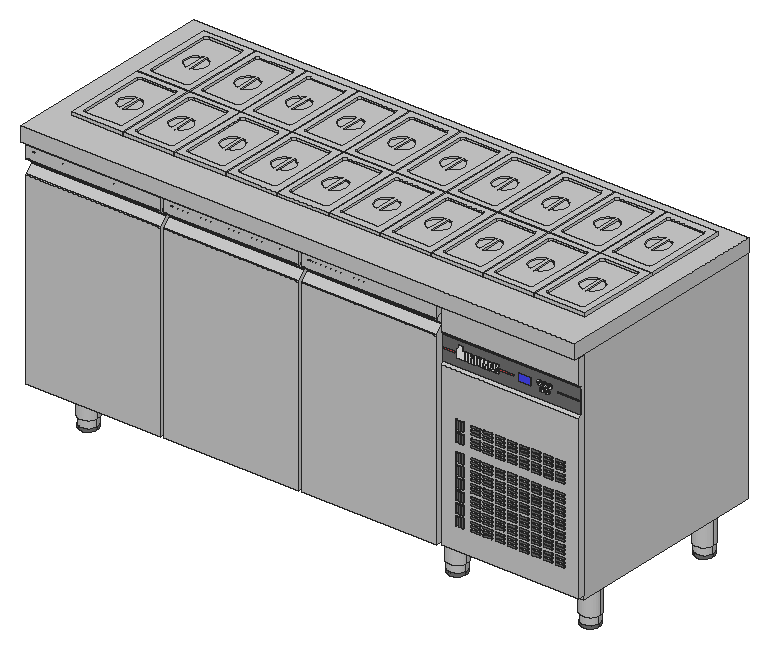
Revit family "QF_INOMAK_ZNFP999_250529012511", category Specialty Equipment, Revit 2021
Family settings
  Round Connector Dimension = Use Diameter
  Part Type = Normal
  OmniClass Number = 23.40.40.14
  OmniClass Title = Food Service Equipment
  Work Plane-Based = No
  Always vertical = Yes
  Cut with Voids When Loaded = No
  Shared = No
  Room Calculation Point = No
Parameters (values of type "ZNFP999")
  Weight [instance] = 168.002 kg
  Warranty Start Date [instance] = ""
  Warranty Duration [instance] = ""
  Volts [instance] = 230 V
  Volt Free Conn [instance] = no
  URL Recommended Spares List [instance] = ""
  URL Manufacturer [instance] = ""
  URL Cutsheet [instance] = ""
  URL Critical Spares List [instance] = ""
  URL = "www.inomak.com"
  Technical Documentation [instance] = ""
  Tag Number [instance] = ""
  Status [instance] = ""
  Start Up Current [instance] = 0 A
  Specification by User [instance] = ""
  Specification by Manufacturer [instance] = ""
  Sound Level [instance] = ""
  Show Logo [instance] = yes
  Show Clearances [instance] = yes
  Service Life Duration [instance] = ""
  Serial Number [instance] = ""
  Seismic Rating [instance] = ""
  SMACNA No [instance] = ""
  Revision Code [instance] = ""
  Revision [instance] = ""
  Production Year [instance] = ""
  Potential Equalisation [instance] = no
  Point Load [instance] = 0
  Phase [instance] = 1
  Other Equipment Approvals [instance] = ""
  Operational Current [instance] = 0 A
  Number of Poles [instance] = 2
  No Load Power Draw [instance] = no
  NAFEM Spec ID Number [instance] = ""
  Model Warning [instance] = ""
  Model = "ZNFP999"
  Min Ckt Ampacity [instance] = 0 A
  Max Overcurrent Protection [instance] = 10 A
  Masterspec [instance] = ""
  Manufacturer = "INOMAK"
  Main switch integrated [instance] = no
  Length Actual [instance] = 1791.97 mm
  Item Number [instance] = ""
  Installed By [instance] = ""
  Installation Date [instance] = ""
  Identify Quantity as Lot [instance] = no
  ID [instance] = ""
  Hygiene Approval [instance] = ""
  Height Actual [instance] = 899.922 mm
  HP power [instance] = ""
  Furnished By [instance] = ""
  Foodservice Equipment Identifier [instance] = no
  FL Amps [instance] = 3.8 A
  Electrical Remarks [instance] = ""
  Electric power [instance] = 450 W
  Electric Connection Type [instance] = ""
  Elec Conn RI Height [instance] = 0 mm
  Elec Conn Connection Height [instance] = 0 mm
  ETL Approved [instance] = no
  Description = "ZENOBIA SALADETTE WITH 3 GN 1/1 DOORS"
  Depth Actual [instance] = 700.024 mm
  Default Elevation = 0 mm
  Cycle [instance] = 50 Hz
  Cost = 0
  Connection to energy optimisation system [instance] = yes
  Conn Plug [instance] = ""
  Conn Conduit [instance] = no
  Centralized building control system with digital interface [instance] = ""
  CSI MasterFormat [instance] = ""
  CE Approved [instance] = no
  Barcode [instance] = 0
  Author [instance] = ""
  Asset Identifier [instance] = ""
  Apparent Power [instance] = 450 VA
  Accessory [instance] = no
Reference planes
  plane 1 "Center (Front/Back)": y = 0
  plane 2: z = 0
  plane 3 "Center (Left/Right)": x = 0
Forms (mm)
  Extrusion 1, solid, not visible
    sketch origin (1385.068, -100.005, 146.007) x (1, 0, 0) y (0, 1, 0)
      loop
        line (-2, 2) -> (-2, -2) -> (2, -2) -> (2, 2) -> (-2, 2)
    from -2 to 2
Dimensions and locks
  locked: nested 2 to Extrusion 1 at 2  (x2)
  aligned and locked: level to plane 2
Nested families
  nested 1: "QF_INOMAK_REF_COUNTERS_1810_2920" at (0, 0, 144), type "ZNFP999"
    with Weight 168.002 kg, Warranty Start Date "", Warranty Duration "", URL Cutsheet "", Technical Documentation "", Tag Number "", Status "", Specification by User "", Specification by Manufacturer "", Sound Level "", Solid Fuel Type "", Show Logo yes, Show Clearances yes, Show Clearance yes, Service Life Duration "", Serial Number "", Seismic Rating "", SMACNA No "", Revision Code "", Revision "", Production Year "", Point Load 0, Other Equipment Approvals "", NAFEM Spec ID Number "", Model Warning "", Masterspec "", Length Actual 1791.97 mm, Item Number "", Installed By "", Installation Date "", Identify Quantity as Lot yes, ID "", Hygiene Approval "", Height Actual 899.922 mm, Furnished By "", Foodservice Equipment Identifier yes, Finish none, ETL Approved yes, Depth Actual 700.024 mm, CSI MasterFormat "", CE Approved yes, Barcode "", Author "", Asset Identifier "", Accessory no
  nested 2: "CONN_POINT_ELE_2D___Generic_Annotation" at (1385.068, -100.005, 144.007), type "CONN_POINT_ELE_2D___Generic_Annotation"
    with Onboard connection annotation symbol visibility yes
  nested 3: "QF_INOMAK_REF_WORKTOPS_WOVF_1810_7123" at (0, 0, 854), type "WOVF-1810-700"
    with Worktop thickness 46 mm, Weight 0.00 kg, Warranty Start Date "", Warranty Duration "", URL Cutsheet "", Technical Documentation "", Tag Number "", Status "", Specification by User "", Specification by Manufacturer "", Sound Level "", Solid Fuel Type "", Show Logo yes, Show Clearances yes, Service Life Duration "", Serial Number "", Seismic Rating "", SMACNA No "", Revision Code "", Revision "", Production Year "", Point Load 0, Other Equipment Approvals "", NAFEM Spec ID Number "", Model Warning "", Masterspec "", Length Actual 1791.97 mm, Item Number "", Installed By "", Installation Date "", Identify Quantity as Lot yes, ID "", Hygiene Approval "", Height Actual 45.974 mm, Height AFF 0 mm, Furnished By "", Foodservice Equipment Identifier yes, Finish none, ETL Approved yes, Depth Actual 700.024 mm, CSI MasterFormat "", CE Approved yes, Barcode "", Author "", Asset Identifier "", Accessory yes
  nested 4: "QF_INOMAK_REF_COUNTERS_LEGS_9747" at (0, 0, 0), type "LG-1790-700"
    with Weight 0.00 kg, Warranty Start Date "", Warranty Duration "", URL Cutsheet "", Technical Documentation "", Tag Number "", Status "", Specification by User "", Specification by Manufacturer "", Sound Level "", Solid Fuel Type "", Show Logo yes, Show Clearances yes, Service Life Duration "", Serial Number "", Seismic Rating "", SMACNA No "", Revision Code "", Revision "", Production Year "", Point Load 0, Other Equipment Approvals "", NAFEM Spec ID Number "", Model Warning "", Masterspec "", Length Actual 1791.97 mm, Legs inset right 70 mm, Legs inset rear 90 mm, Legs inset left 100 mm, Legs inset front 150 mm, Item Number "", Installed By "", Installation Date "", Identify Quantity as Lot yes, ID "", Hygiene Approval "", Height Actual 144.018 mm, Furnished By "", Foodservice Equipment Identifier yes, ETL Approved yes, Depth Actual 700.024 mm, CentralLegs no, CSI MasterFormat "", CE Approved yes, Barcode "", Author "", Asset Identifier "", Accessory yes
Connectors
  electrical at (1385.068, -100.005, 144.007), driven by "Apparent Power", driven by "Number of Poles", driven by "Volts"
    settings: on Extrusion 1, index 1, voltage 230 V, apparent load 0 VA, apparent load phase1 450 VA, apparent load phase2 0 VA, apparent load phase3 0 VA, power factor 1, load classification "Other", number of poles 2, system type 31, power factor state 1, is connector primary yes, connector utility no, sub classification motor no, connector description "Electrical connection for ZNFP999"
Definition of nested family "QF_INOMAK_REF_COUNTERS_1810_2920"
  Parameters (values of type "ZSQP999")
    Weight [instance] = 0.00 kg
    Warranty Start Date [instance] = ""
    Warranty Duration [instance] = ""
    URL Cutsheet [instance] = ""
    URL = "www.inomak.com"
    Technical Documentation [instance] = ""
    Tag Number [instance] = ""
    Status [instance] = ""
    Specification by User [instance] = ""
    Specification by Manufacturer [instance] = ""
    Sound Level [instance] = ""
    Solid Fuel Type [instance] = ""
    Show Logo [instance] = yes
    Show Clearances [instance] = yes
    Show Clearance [instance] = yes
    Service Life Duration [instance] = ""
    Serial Number [instance] = ""
    Seismic Rating [instance] = ""
    SMACNA No [instance] = ""
    Revision Code [instance] = ""
    Revision [instance] = ""
    Production Year [instance] = ""
    Point Load [instance] = 0
    Other Equipment Approvals [instance] = ""
    NAFEM Spec ID Number [instance] = ""
    Model Warning [instance] = ""
    Model = "ZSQP999"
    Masterspec [instance] = ""
    Manufacturer = "INOMAK"
    Length Actual [instance] = 0 mm
    Length = 1792 mm
    Item Number [instance] = ""
    Installed By [instance] = ""
    Installation Date [instance] = ""
    Identify Quantity as Lot [instance] = yes
    ID [instance] = ""
    Hygiene Approval [instance] = ""
    Height Actual [instance] = 0 mm
    Height = 710 mm
    Furnished By [instance] = ""
    Foodservice Equipment Identifier [instance] = yes
    Finish [instance] = none
    ETL Approved [instance] = yes
    Description = "ZENOBIA SALADETTE WITH SQUARE SHOWCASE AND 3 GN 1/1 DOORS"
    Depth Actual [instance] = 0 mm
    Depth = 700 mm
    Default Elevation = 0 mm
    CSI MasterFormat [instance] = ""
    CE Approved [instance] = yes
    Barcode [instance] = ""
    Author [instance] = ""
    Asset Identifier [instance] = ""
    Assembly Code = "E1090320"
    Accessory [instance] = yes
  Types (6, lengths in mm): name | Model | Description
    ZQFP999 | "ZQFP999" | "ZENOBIA SALADETTE WITH SHOWCASE AND 3 GN 1/1 DOORS"
    ZQRP999 | "ZQRP999" | "ZENOBIA SALADETTE COUNTER WITH LENGTH VITRINE AND SPACE ON THE RIGHT SIDE OF THE WORKTOP, 3 GN 1/1 DOORS"
    ZNFP999 | "ZNFP999" | "ZENOBIA SALADETTE WITH 3 GN 1/1 DOORS"
    ZSQP999 | "ZSQP999" | "ZENOBIA SALADETTE WITH SQUARE SHOWCASE AND 3 GN 1/1 DOORS"
    ZVFP999 | "ZVFP999" | "ZENOBIA SALADETTE WITH SINGLE SNEEZE GUARD AND 3 GN 1/1 DOORS"
    ZRFP999 | "ZRFP999" | "ZENOBIA SALADETTE WITH DOUBLE SNEEZE GUARD AND 3 GN 1/1 DOORS"
  Reference planes
    plane 1 "Back": y = 0
    plane 2: z = 0
    plane 3 "Left": x = 0
    plane 4 "Right": x = 1792
    plane 5 "Front": y = -700
    plane 6 "Top": z = 710
  Forms (mm)
    Extrusion 1, solid, material <- "Finish"
      sketch origin (0, 0, 0) x (1, 0, 0) y (0, 1, 0)
        loop
          line (0, -648) -> (30, -648) -> (30, -30) -> (1317, -30) -> (1317, -648) -> (1347, -648) -> (1347, -665) -> (1792, -665) -> (1792, 0) -> (0, 0) -> (0, -648)
      from 0 to 710
    Extrusion 2, solid, material <- "Finish"
      sketch origin (0, 0, 0) x (1, 0, 0) y (0, 1, 0)
        loop
          line (30, -30) -> (30, -648) -> (1317, -648) -> (1317, -30) -> (30, -30)
      from 0 to 45
    Extrusion 3, solid, material <- "Finish"
      sketch origin (0, 0, 710) x (0, 1, 0) y (-1, 0, 0)
        loop
          line (-30, -30) -> (-648, -30) -> (-648, -1317) -> (-30, -1317) -> (-30, -30)
      from 0 to -30
    Extrusion 4, solid, material <- "Finish"
      sketch origin (1792, 0, 0) x (0, -1, 0) y (0, 0, 1)
        loop
          line (683.05, 705) -> (665, 705) -> (665, 10) -> (683.05, 10) -> (683.05, 532.058) -> (676.05, 539.058) -> (676.05, 618.864) -> (683.05, 625.864) -> (683.05, 705)
      from 0 to 445
    Extrusion 5, solid
      sketch origin (0, -700, 0) x (-1, 0, 0) y (0, 0, 1)
        loop
          circle (-1658.654, 586.73) r 6.965
        loop
          circle (-1675.685, 586.73) r 6.965
        loop
          circle (-1692.694, 586.73) r 6.965
        loop
          circle (-1667.18, 568.729) r 6.965
        loop
          circle (-1684.189, 568.729) r 6.965
        loop
          circle (-1658.654, 586.73) r 3.965
        loop
          circle (-1675.685, 586.73) r 3.965
        loop
          circle (-1692.694, 586.73) r 3.965
        loop
          circle (-1667.18, 568.729) r 3.965
        loop
          circle (-1684.189, 568.729) r 3.965
      from 23 to 25.5
    Extrusion 6, solid
      sketch origin (0, -700, 0) x (-1, 0, 0) y (0, 0, 1)
        loop
          line (-1630.865, 590.461) -> (-1630.865, 567.461) -> (-1590.865, 567.461) -> (-1590.865, 590.461) -> (-1630.865, 590.461)
      from 23 to 25.5
    Extrusion 7, solid
      sketch origin (0, -700, 0) x (-1, 0, 0) y (0, 0, 1)
        loop
          line (-1347, 618.864) -> (-1792, 618.864) -> (-1792, 539.058) -> (-1347, 539.058) -> (-1347, 618.864)
      from 23.5 to 25.5
    Extrusion 8, solid, visible <- "Show Logo"
      sketch origin (0, -700, 0) x (-1, 0, 0) y (0, 0, 1)
        loop
          line (-1391.061, 591.01) -> (-1397.061, 591.01) -> (-1397.061, 602.118) -> (-1411.298, 602.118) -> (-1411.298, 591.01) -> (-1417.298, 591.01) -> (-1417.298, 564.76) -> (-1391.061, 564.76) -> (-1391.061, 591.01)
        loop
          line (-1421.613, 590.698) -> (-1428.903, 590.698) -> (-1428.903, 564.76) -> (-1421.613, 564.76) -> (-1421.613, 590.698)
        loop
          line (-1431.422, 564.76) -> (-1431.422, 590.698) -> (-1438.256, 590.698) -> (-1441.449, 578.78) -> (-1441.449, 590.698) -> (-1447.982, 590.698) -> (-1447.982, 564.76) -> (-1441.449, 564.76) -> (-1437.735, 578.623) -> (-1437.735, 564.76) -> (-1431.422, 564.76)
        loop
          line (-1468.664, 564.76) -> (-1468.664, 590.698) -> (-1477.626, 590.698) -> (-1479.988, 576.688) -> (-1482.35, 590.698) -> (-1491.312, 590.698) -> (-1491.312, 564.76) -> (-1484.687, 564.76) -> (-1484.687, 578.623) -> (-1482.35, 564.76) -> (-1477.626, 564.76) -> (-1475.289, 578.623) -> (-1475.289, 564.76) -> (-1468.664, 564.76)
        loop
          line (-1453.851, 590.698) -> (-1463.176, 590.698)
          arc (-1463.176, 590.698) -> (-1465.773, 589.622) -> (-1466.849, 587.026) r 3.672
          line (-1466.849, 587.026) -> (-1466.849, 568.433)
          arc (-1466.849, 568.433) -> (-1465.773, 565.836) -> (-1463.176, 564.76) r 3.672
          line (-1463.176, 564.76) -> (-1453.851, 564.76)
          arc (-1453.851, 564.76) -> (-1451.255, 565.836) -> (-1450.179, 568.433) r 3.672
          line (-1450.179, 568.433) -> (-1450.179, 587.026)
          arc (-1450.179, 587.026) -> (-1451.255, 589.622) -> (-1453.851, 590.698) r 3.672
        loop
          arc (-1457.487, 587.542) -> (-1458.514, 588.569) -> (-1459.541, 587.542) r 1.027
          line (-1459.541, 587.542) -> (-1459.541, 568.949)
          arc (-1459.541, 568.949) -> (-1458.514, 567.922) -> (-1457.487, 568.949) r 1.027
          line (-1457.487, 568.949) -> (-1457.487, 587.542)
        loop
          line (-1492.382, 564.76) -> (-1496.755, 590.698) -> (-1505.615, 590.698) -> (-1509.988, 564.76) -> (-1503.461, 564.76) -> (-1502.852, 569.723) -> (-1499.518, 569.723) -> (-1498.909, 564.76) -> (-1492.382, 564.76)
        loop
          line (-1500.074, 574.252) -> (-1501.185, 583.299) -> (-1502.296, 574.252) -> (-1500.074, 574.252)
        loop
          line (-1510.954, 564.76) -> (-1510.954, 590.698) -> (-1517.579, 590.698) -> (-1517.579, 581.585) -> (-1520.365, 590.698) -> (-1527.803, 590.698) -> (-1523.474, 579.422) -> (-1528.522, 564.76) -> (-1520.939, 564.76) -> (-1517.579, 577.3) -> (-1517.579, 564.76) -> (-1510.954, 564.76)
      from 23 to 25.5
    Extrusion 9, solid
      sketch origin (0, -700, 0) x (-1, 0, 0) y (0, 0, 1)
        loop
          line (-1347, 580.961) -> (-1383.995, 580.961) -> (-1383.995, 576.961) -> (-1347, 576.961) -> (-1347, 580.961)
        loop
          line (-1532, 580.961) -> (-1576.365, 580.961) -> (-1576.365, 576.961) -> (-1532, 576.961) -> (-1532, 580.961)
        loop
          line (-1792, 580.961) -> (-1792, 576.961) -> (-1718.755, 576.961) -> (-1718.755, 580.961) -> (-1792, 580.961)
      from 23 to 25.5
    Extrusion 10, solid, material <- "Finish"
      sketch origin (446, 0, 0) x (0, -1, 0) y (0, 0, -1)
        loop
          line (690, -10) -> (648, -10) -> (648, -700) -> (690, -700) -> (690, -661.747)
          arc (690, -661.747) -> (688.671, -659.935) -> (686.544, -660.657) r 1.9
          line (686.544, -660.657) -> (680.029, -669.961) -> (668.119, -669.961)
          arc (668.119, -669.961) -> (666.433, -669.262) -> (665.734, -667.576) r 2.385
          line (665.734, -667.576) -> (665.734, -640.672)
          arc (665.734, -640.672) -> (665.976, -639.458) -> (666.663, -638.429) r 3.172
          line (666.663, -638.429) -> (689.485, -615.607)
          arc (689.485, -615.607) -> (689.866, -615.037) -> (690, -614.365) r 1.757
          line (690, -614.365) -> (690, -10)
      from 0 to -435
    Extrusion 11, solid, visible <- "Show Clearance", detail levels coarse
      sketch origin (446, -700, 10) x (-1, 0, 0) y (0, 1, 0)
        loop
          line (435, 10) -> (0, 10)
          arc (0, 10) -> (134.757, -285.109) -> (435, -408) r 440.665
          line (435, -408) -> (435, 10)
      from 0 to -690
    Extrusion 12, solid, material <- "Finish"
      sketch origin (891, 0, 0) x (0, -1, 0) y (0, 0, -1)
        loop
          line (690, -10) -> (648, -10) -> (648, -700) -> (690, -700) -> (690, -661.747)
          arc (690, -661.747) -> (688.671, -659.935) -> (686.544, -660.657) r 1.9
          line (686.544, -660.657) -> (680.029, -669.961) -> (668.119, -669.961)
          arc (668.119, -669.961) -> (666.433, -669.262) -> (665.734, -667.576) r 2.385
          line (665.734, -667.576) -> (665.734, -640.672)
          arc (665.734, -640.672) -> (665.976, -639.458) -> (666.663, -638.429) r 3.172
          line (666.663, -638.429) -> (689.485, -615.607)
          arc (689.485, -615.607) -> (689.866, -615.037) -> (690, -614.365) r 1.757
          line (690, -614.365) -> (690, -10)
      from 0 to -435
    Extrusion 13, solid, visible <- "Show Clearance", detail levels coarse
      sketch origin (891, -700, 10) x (-1, 0, 0) y (0, 1, 0)
        loop
          line (435, 10) -> (0, 10)
          arc (0, 10) -> (134.757, -285.109) -> (435, -408) r 440.665
          line (435, -408) -> (435, 10)
      from 0 to -690
    Extrusion 14, solid, material <- "Finish"
      sketch origin (901, 0, 0) x (0, -1, 0) y (0, 0, 1)
        loop
          line (690, 10) -> (690, 614.365)
          arc (690, 614.365) -> (689.866, 615.037) -> (689.485, 615.607) r 1.757
          line (689.485, 615.607) -> (666.663, 638.429)
          arc (666.663, 638.429) -> (665.976, 639.458) -> (665.734, 640.672) r 3.172
          line (665.734, 640.672) -> (665.734, 667.576)
          arc (665.734, 667.576) -> (666.433, 669.262) -> (668.119, 669.961) r 2.385
          line (668.119, 669.961) -> (680.029, 669.961) -> (686.544, 660.657)
          arc (686.544, 660.657) -> (688.671, 659.935) -> (690, 661.747) r 1.9
          line (690, 661.747) -> (690, 700) -> (648, 700) -> (648, 10) -> (690, 10)
      from 0 to -435
    Extrusion 15, solid, visible <- "Show Clearance", detail levels coarse
      sketch origin (901, -700, 10) x (-1, 0, 0) y (0, 1, 0)
        loop
          line (-435, 10) -> (-435, -408)
          arc (-435, -408) -> (-134.757, -285.109) -> (0, 10) r 440.665
          line (0, 10) -> (-435, 10)
      from 0 to -690
  Cuts and joins
    joined: Extrusion 1, Extrusion 2, Extrusion 3
  Lines and regions (mm)
    symbolic lines, visible <- "Show Clearance"
      curve 1: line (0, 0, 0) -> (1792, 0, 0)
      curve 2: line (1792, 0, 0) -> (1792, -700, 0)
      curve 3: line (1792, -700, 0) -> (0, -700, 0)
      curve 4: line (0, -700, 0) -> (0, 0, 0)
      curve 5: line (11, -1108, 0) -> (11, -700, 0)
      curve 6: arc (11, -1108, 0) -> (307.611, -988.559, 0) -> (445.372, -700, 0) r 440.665
      curve 7: line (456, -1108, 0) -> (456, -700, 0)
      curve 8: arc (456, -1108, 0) -> (752.611, -988.559, 0) -> (890.372, -700, 0) r 440.665
      curve 9: line (1336, -1108, 0) -> (1336, -700, 0)
      curve 10: arc (1336, -1108, 0) -> (1039.389, -988.559, 0) -> (901.628, -700, 0) r 440.665
  Dimensions and locks
    "Length": plane 3 "Left" to plane 4 "Right"
    "Depth": plane 5 "Front" to plane 1 "Back"
    "Height": plane 6 "Top" to plane 2
    aligned and locked: level to plane 2
    aligned and locked: plane 6 "Top" to Extrusion 1
    aligned and locked: nested 1 to plane 4 "Right"
    aligned and locked: plane 5 "Front" to nested 1
    aligned and locked: plane 5 "Front" to curve 3
    aligned and locked: curve 5 to Extrusion 11
    aligned and locked: curve 7 to Extrusion 13
    aligned and locked: curve 9 to Extrusion 15
  Automatic sketch dimensions
    plane 1 "Back" to curve 4 = 0 mm
    curve 4 to plane 3 "Left" = 0 mm
    Extrusion 1 sketch curve to plane 3 "Left" = 0 mm
    plane 1 "Back" to Extrusion 1 sketch curve = 0 mm
    Extrusion 1 sketch curve to plane 4 "Right" = 0 mm
    plane 3 "Left" to Extrusion 1 sketch curve = 30 mm
    plane 1 "Back" to Extrusion 1 sketch curve = 30 mm
    plane 4 "Right" to Extrusion 1 sketch curve = 475 mm
    Extrusion 1 sketch curve to Extrusion 1 sketch curve = 30 mm
    plane 5 "Front" to Extrusion 1 sketch curve = 52 mm  (x2)
    plane 5 "Front" to Extrusion 1 sketch curve = 35 mm
    plane 3 "Left" to Extrusion 2 sketch curve = 30 mm
    plane 5 "Front" to Extrusion 2 sketch curve = 52 mm
    plane 4 "Right" to Extrusion 2 sketch curve = 475 mm
    plane 1 "Back" to Extrusion 2 sketch curve = 30 mm
    plane 5 "Front" to Extrusion 3 sketch curve = 52 mm
    plane 1 "Back" to Extrusion 3 sketch curve = 30 mm
    plane 4 "Right" to Extrusion 3 sketch curve = 475 mm
    plane 3 "Left" to Extrusion 3 sketch curve = 30 mm
    plane 3 "Left" to curve 6 = 5.917 mm
    curve 8 to curve 7 = 5.083 mm
    curve 9 to curve 10 = 5.083 mm
    plane 5 "Front" to curve 6 = 32.635 mm
    plane 5 "Front" to curve 10 = 32.635 mm
    plane 5 "Front" to curve 8 = 32.635 mm
    curve 6 to curve 7 = 10.628 mm
    curve 7 to curve 8 = 434.372 mm
    curve 8 to curve 10 = 11.257 mm
    Extrusion 4 sketch curve to plane 6 "Top" = 5 mm
    plane 5 "Front" to Extrusion 4 sketch curve = 35 mm
    plane 5 "Front" to Extrusion 4 sketch curve = 23.95 mm
    Extrusion 4 sketch curve to Extrusion 4 sketch curve = 7 mm  (x4)
    Extrusion 4 sketch curve to Extrusion 4 sketch curve = 79.136 mm
    Extrusion 4 sketch curve to Extrusion 4 sketch curve = 79.807 mm
    level to Extrusion 4 sketch curve = 10 mm
    level to Extrusion 10 sketch curve = 10 mm
    plane 5 "Front" to Extrusion 10 sketch curve = 52 mm
    plane 5 "Front" to Extrusion 10 sketch curve = 34.266 mm
    Extrusion 10 sketch curve to Extrusion 10 sketch curve = 0.929 mm
    Extrusion 10 sketch curve to Extrusion 10 sketch curve = 2.385 mm
    Extrusion 10 sketch curve to Extrusion 10 sketch curve = 3.172 mm
    Extrusion 10 sketch curve to Extrusion 10 sketch curve = 11.91 mm
    Extrusion 10 sketch curve to Extrusion 10 sketch curve = 6.515 mm
    Extrusion 10 sketch curve to Extrusion 10 sketch curve = 1.556 mm
    plane 5 "Front" to Extrusion 10 sketch curve = 11.757 mm
    Extrusion 10 sketch curve to Extrusion 10 sketch curve = 1.242 mm
    Extrusion 10 sketch curve to Extrusion 10 sketch curve = 1.9 mm
    Extrusion 10 sketch curve to Extrusion 10 sketch curve = 0.515 mm
    Extrusion 10 sketch curve to plane 6 "Top" = 95.635 mm
    Extrusion 10 sketch curve to Extrusion 10 sketch curve = 22.822 mm
    Extrusion 10 sketch curve to Extrusion 10 sketch curve = 19.985 mm
    Extrusion 10 sketch curve to Extrusion 10 sketch curve = 6.919 mm
    Extrusion 10 sketch curve to plane 6 "Top" = 10 mm
    plane 5 "Front" to Extrusion 11 sketch curve = 10 mm
    plane 3 "Left" to Extrusion 11 sketch curve = 446 mm
    plane 3 "Left" to Extrusion 11 sketch curve = 11 mm
    plane 3 "Left" to Extrusion 11 sketch curve = 5.917 mm
    Extrusion 11 sketch curve to Extrusion 11 sketch curve = 22.635 mm
    level to Extrusion 12 sketch curve = 10 mm
    plane 5 "Front" to Extrusion 12 sketch curve = 52 mm
    plane 5 "Front" to Extrusion 12 sketch curve = 34.266 mm
    Extrusion 12 sketch curve to Extrusion 12 sketch curve = 0.929 mm
    Extrusion 12 sketch curve to Extrusion 12 sketch curve = 2.385 mm
    Extrusion 12 sketch curve to Extrusion 12 sketch curve = 3.172 mm
    Extrusion 12 sketch curve to Extrusion 12 sketch curve = 11.91 mm
    Extrusion 12 sketch curve to Extrusion 12 sketch curve = 6.515 mm
    Extrusion 12 sketch curve to Extrusion 12 sketch curve = 1.556 mm
    plane 5 "Front" to Extrusion 12 sketch curve = 11.757 mm
    Extrusion 12 sketch curve to Extrusion 12 sketch curve = 1.242 mm
    Extrusion 12 sketch curve to Extrusion 12 sketch curve = 1.9 mm
    Extrusion 12 sketch curve to Extrusion 12 sketch curve = 0.515 mm
    Extrusion 12 sketch curve to plane 6 "Top" = 95.635 mm
    Extrusion 12 sketch curve to Extrusion 12 sketch curve = 22.822 mm
    Extrusion 12 sketch curve to Extrusion 12 sketch curve = 19.985 mm
    Extrusion 12 sketch curve to Extrusion 12 sketch curve = 6.919 mm
    Extrusion 12 sketch curve to plane 6 "Top" = 10 mm
    plane 5 "Front" to Extrusion 13 sketch curve = 10 mm
    plane 3 "Left" to Extrusion 13 sketch curve = 891 mm
    Extrusion 13 sketch curve to Extrusion 13 sketch curve = 435 mm
    Extrusion 13 sketch curve to Extrusion 13 sketch curve = 5.083 mm
    Extrusion 13 sketch curve to Extrusion 13 sketch curve = 22.635 mm
    level to Extrusion 14 sketch curve = 10 mm
    plane 5 "Front" to Extrusion 14 sketch curve = 52 mm
    plane 5 "Front" to Extrusion 14 sketch curve = 34.266 mm
    Extrusion 14 sketch curve to Extrusion 14 sketch curve = 0.929 mm
    Extrusion 14 sketch curve to Extrusion 14 sketch curve = 2.385 mm
    Extrusion 14 sketch curve to Extrusion 14 sketch curve = 3.172 mm
    Extrusion 14 sketch curve to Extrusion 14 sketch curve = 11.91 mm
    Extrusion 14 sketch curve to Extrusion 14 sketch curve = 6.515 mm
    Extrusion 14 sketch curve to Extrusion 14 sketch curve = 1.556 mm
    plane 5 "Front" to Extrusion 14 sketch curve = 11.757 mm
    Extrusion 14 sketch curve to Extrusion 14 sketch curve = 1.242 mm
    Extrusion 14 sketch curve to Extrusion 14 sketch curve = 1.9 mm
    Extrusion 14 sketch curve to Extrusion 14 sketch curve = 0.515 mm
    Extrusion 14 sketch curve to plane 6 "Top" = 95.635 mm
    Extrusion 14 sketch curve to Extrusion 14 sketch curve = 22.822 mm
    Extrusion 14 sketch curve to Extrusion 14 sketch curve = 19.985 mm
    Extrusion 14 sketch curve to Extrusion 14 sketch curve = 6.919 mm
    Extrusion 14 sketch curve to plane 6 "Top" = 10 mm
    plane 5 "Front" to Extrusion 15 sketch curve = 32.635 mm
    plane 4 "Right" to Extrusion 15 sketch curve = 450.917 mm
    Extrusion 15 sketch curve to Extrusion 15 sketch curve = 5.083 mm
    plane 5 "Front" to Extrusion 15 sketch curve = 10 mm
    Extrusion 15 sketch curve to Extrusion 15 sketch curve = 435 mm
    curve 2 to plane 4 "Right" = 0 mm
    Extrusion 5 sketch curve to Extrusion 5 sketch curve = 0 mm  (x13)
    plane 4 "Right" to Extrusion 5 sketch curve = 99.306 mm
    Extrusion 5 sketch curve to Extrusion 5 sketch curve = 8.505 mm
    Extrusion 5 sketch curve to Extrusion 5 sketch curve = 17.009 mm  (x2)
    Extrusion 5 sketch curve to Extrusion 5 sketch curve = 17.03 mm
    Extrusion 5 sketch curve to plane 6 "Top" = 141.271 mm
    Extrusion 5 sketch curve to Extrusion 5 sketch curve = 18.001 mm
    plane 4 "Right" to Extrusion 6 sketch curve = 161.135 mm
    Extrusion 6 sketch curve to Extrusion 6 sketch curve = 40 mm
    Extrusion 6 sketch curve to plane 6 "Top" = 142.539 mm
    Extrusion 6 sketch curve to Extrusion 6 sketch curve = 23 mm
    plane 4 "Right" to Extrusion 7 sketch curve = 0 mm
    Extrusion 7 sketch curve to plane 6 "Top" = 170.942 mm
    Extrusion 7 sketch curve to Extrusion 7 sketch curve = 445 mm
    Extrusion 7 sketch curve to Extrusion 7 sketch curve = 79.807 mm
    plane 4 "Right" to Extrusion 8 sketch curve = 263.478 mm
    Extrusion 8 sketch curve to Extrusion 8 sketch curve = 0.72 mm
    Extrusion 8 sketch curve to plane 6 "Top" = 130.578 mm
    Extrusion 8 sketch curve to Extrusion 8 sketch curve = 4.329 mm
    Extrusion 8 sketch curve to Extrusion 8 sketch curve = 7.584 mm
    Extrusion 8 sketch curve to plane 6 "Top" = 119.302 mm  (x2)
    Extrusion 8 sketch curve to Extrusion 8 sketch curve = 7.438 mm
    Extrusion 8 sketch curve to plane 6 "Top" = 132.7 mm
    Extrusion 8 sketch curve to Extrusion 8 sketch curve = 5.895 mm
    Extrusion 8 sketch curve to plane 6 "Top" = 128.415 mm
    Extrusion 8 sketch curve to Extrusion 8 sketch curve = 0 mm  (x11)
    Extrusion 8 sketch curve to Extrusion 8 sketch curve = 6.625 mm  (x2)
    Extrusion 8 sketch curve to Extrusion 8 sketch curve = 0.965 mm
    Extrusion 8 sketch curve to Extrusion 8 sketch curve = 5.338 mm
    Extrusion 8 sketch curve to Extrusion 8 sketch curve = 6.527 mm  (x2)
    Extrusion 8 sketch curve to plane 6 "Top" = 140.277 mm
    Extrusion 8 sketch curve to Extrusion 8 sketch curve = 0.609 mm
    Extrusion 8 sketch curve to plane 6 "Top" = 135.748 mm
    Extrusion 8 sketch curve to Extrusion 8 sketch curve = 0.556 mm
    Extrusion 8 sketch curve to plane 6 "Top" = 126.701 mm
    Extrusion 8 sketch curve to Extrusion 8 sketch curve = 4.43 mm  (x2)
    Extrusion 8 sketch curve to Extrusion 8 sketch curve = 2.222 mm
    Extrusion 8 sketch curve to Extrusion 8 sketch curve = 3.334 mm
    Extrusion 8 sketch curve to Extrusion 8 sketch curve = 4.552 mm
    Extrusion 8 sketch curve to plane 6 "Top" = 145.24 mm  (x2)
    Extrusion 8 sketch curve to Extrusion 8 sketch curve = 1.069 mm
    Extrusion 8 sketch curve to plane 6 "Top" = 131.377 mm  (x2)
    Extrusion 8 sketch curve to Extrusion 8 sketch curve = 8.962 mm  (x2)
    Extrusion 8 sketch curve to Extrusion 8 sketch curve = 2.337 mm
    Extrusion 8 sketch curve to plane 6 "Top" = 133.312 mm
    Extrusion 8 sketch curve to Extrusion 8 sketch curve = 4.699 mm  (x2)
    Extrusion 8 sketch curve to Extrusion 8 sketch curve = 4.724 mm  (x2)
    Extrusion 8 sketch curve to Extrusion 8 sketch curve = 1.815 mm
    Extrusion 8 sketch curve to Extrusion 8 sketch curve = 3.672 mm  (x8)
    Extrusion 8 sketch curve to Extrusion 8 sketch curve = 3.636 mm  (x3)
    Extrusion 8 sketch curve to Extrusion 8 sketch curve = 1.027 mm
    Extrusion 8 sketch curve to Extrusion 8 sketch curve = 2.197 mm
    Extrusion 8 sketch curve to Extrusion 8 sketch curve = 6.532 mm  (x2)
    Extrusion 8 sketch curve to Extrusion 8 sketch curve = 3.194 mm
    Extrusion 8 sketch curve to Extrusion 8 sketch curve = 3.714 mm
    Extrusion 8 sketch curve to Extrusion 8 sketch curve = 6.313 mm
    Extrusion 8 sketch curve to Extrusion 8 sketch curve = 2.52 mm
    Extrusion 8 sketch curve to Extrusion 8 sketch curve = 7.29 mm
    Extrusion 8 sketch curve to Extrusion 8 sketch curve = 4.315 mm
    Extrusion 8 sketch curve to Extrusion 8 sketch curve = 6 mm
    Extrusion 8 sketch curve to Extrusion 8 sketch curve = 14.237 mm
    Extrusion 8 sketch curve to Extrusion 8 sketch curve = 26.237 mm
    Extrusion 8 sketch curve to Extrusion 8 sketch curve = 14.661 mm
    Extrusion 8 sketch curve to Extrusion 8 sketch curve = 4.963 mm
    Extrusion 8 sketch curve to Extrusion 8 sketch curve = 0.516 mm  (x2)
    Extrusion 8 sketch curve to Extrusion 8 sketch curve = 13.862 mm
    Extrusion 8 sketch curve to Extrusion 8 sketch curve = 0.157 mm
    Extrusion 8 sketch curve to Extrusion 8 sketch curve = 26.25 mm
    Extrusion 8 sketch curve to Extrusion 8 sketch curve = 0.312 mm
    Extrusion 8 sketch curve to Extrusion 8 sketch curve = 11.107 mm
    plane 4 "Right" to Extrusion 9 sketch curve = 0 mm
    Extrusion 9 sketch curve to Extrusion 9 sketch curve = 73.245 mm
    Extrusion 9 sketch curve to Extrusion 9 sketch curve = 142.39 mm
    Extrusion 9 sketch curve to Extrusion 9 sketch curve = 44.365 mm
    Extrusion 9 sketch curve to Extrusion 9 sketch curve = 148.005 mm
    Extrusion 9 sketch curve to Extrusion 9 sketch curve = 36.995 mm
    Extrusion 9 sketch curve to plane 6 "Top" = 133.039 mm  (x3)
    Extrusion 9 sketch curve to Extrusion 9 sketch curve = 4 mm  (x3)
    radius of Extrusion 5 sketch curve = 6.965 mm  (x5)
    radius of Extrusion 5 sketch curve = 3.965 mm  (x5)
  Nested families
    nested 1: "QF_INOMAK_CONRTOL-PANEL" at (1792, 0, 0), type "PNRP9999"
      with Show Clearance yes
  Definition of nested family "QF_INOMAK_CONRTOL-PANEL"
    Parameters (values of type "PNRP9999")
      URL = ""
      Show Logo = yes
      Show Clearance [instance] = yes
      Model = ""
      Manufacturer = ""
      Length = 0 mm
      Height = 710 mm
      Front offset = 80 mm
      Description = ""
      Depth = 700 mm
      Default Elevation = 0 mm
      Assembly Code = ""
    Reference planes
      plane 1 "Back": y = 0
      plane 2: z = 0
      plane 3 "Left": x = 0
      plane 4 "Right": x = 0
      plane 5 "Front": y = -700
      plane 6 "Top": z = 710
      plane 7 "Front offset": y = -620
    Forms (mm)
      Extrusion 1, solid
        sketch origin (-2240, -700, 0) x (-1, 0, 0) y (0, 0, 1)
          loop
            arc (-2191.4, 389.855) -> (-2194.4, 386.855) -> (-2191.4, 383.855) r 3
            line (-2191.4, 383.855) -> (-2167.4, 383.855)
            arc (-2167.4, 383.855) -> (-2164.4, 386.855) -> (-2167.4, 389.855) r 3
            line (-2167.4, 389.855) -> (-2191.4, 389.855)
          loop
            arc (-2152.4, 389.855) -> (-2155.4, 386.855) -> (-2152.4, 383.855) r 3
            line (-2152.4, 383.855) -> (-2128.4, 383.855)
            arc (-2128.4, 383.855) -> (-2125.4, 386.855) -> (-2128.4, 389.855) r 3
            line (-2128.4, 389.855) -> (-2152.4, 389.855)
          loop
            arc (-2113.4, 389.855) -> (-2116.4, 386.855) -> (-2113.4, 383.855) r 3
            line (-2113.4, 383.855) -> (-2089.4, 383.855)
            arc (-2089.4, 383.855) -> (-2086.4, 386.855) -> (-2089.4, 389.855) r 3
            line (-2089.4, 389.855) -> (-2113.4, 389.855)
          loop
            arc (-2074.4, 389.855) -> (-2077.4, 386.855) -> (-2074.4, 383.855) r 3
            line (-2074.4, 383.855) -> (-2050.4, 383.855)
            arc (-2050.4, 383.855) -> (-2047.4, 386.855) -> (-2050.4, 389.855) r 3
            line (-2050.4, 389.855) -> (-2074.4, 389.855)
          loop
            arc (-2035.4, 389.855) -> (-2038.4, 386.855) -> (-2035.4, 383.855) r 3
            line (-2035.4, 383.855) -> (-2011.4, 383.855)
            arc (-2011.4, 383.855) -> (-2008.4, 386.855) -> (-2011.4, 389.855) r 3
            line (-2011.4, 389.855) -> (-2035.4, 389.855)
          loop
            arc (-1996.4, 389.855) -> (-1999.4, 386.855) -> (-1996.4, 383.855) r 3
            line (-1996.4, 383.855) -> (-1972.4, 383.855)
            arc (-1972.4, 383.855) -> (-1969.4, 386.855) -> (-1972.4, 389.855) r 3
            line (-1972.4, 389.855) -> (-1996.4, 389.855)
          loop
            arc (-1957.4, 389.855) -> (-1960.4, 386.855) -> (-1957.4, 383.855) r 3
            line (-1957.4, 383.855) -> (-1933.4, 383.855)
            arc (-1933.4, 383.855) -> (-1930.4, 386.855) -> (-1933.4, 389.855) r 3
            line (-1933.4, 389.855) -> (-1957.4, 389.855)
          loop
            arc (-1918.4, 389.855) -> (-1921.4, 386.855) -> (-1918.4, 383.855) r 3
            line (-1918.4, 383.855) -> (-1894.4, 383.855)
            arc (-1894.4, 383.855) -> (-1891.4, 386.855) -> (-1894.4, 389.855) r 3
            line (-1894.4, 389.855) -> (-1918.4, 389.855)
          loop
            arc (-2191.4, 378.855) -> (-2194.4, 375.855) -> (-2191.4, 372.855) r 3
            line (-2191.4, 372.855) -> (-2167.4, 372.855)
            arc (-2167.4, 372.855) -> (-2164.4, 375.855) -> (-2167.4, 378.855) r 3
            line (-2167.4, 378.855) -> (-2191.4, 378.855)
          loop
            arc (-2152.4, 378.855) -> (-2155.4, 375.855) -> (-2152.4, 372.855) r 3
            line (-2152.4, 372.855) -> (-2128.4, 372.855)
            arc (-2128.4, 372.855) -> (-2125.4, 375.855) -> (-2128.4, 378.855) r 3
            line (-2128.4, 378.855) -> (-2152.4, 378.855)
          loop
            arc (-2113.4, 378.855) -> (-2116.4, 375.855) -> (-2113.4, 372.855) r 3
            line (-2113.4, 372.855) -> (-2089.4, 372.855)
            arc (-2089.4, 372.855) -> (-2086.4, 375.855) -> (-2089.4, 378.855) r 3
            line (-2089.4, 378.855) -> (-2113.4, 378.855)
          loop
            arc (-2074.4, 378.855) -> (-2077.4, 375.855) -> (-2074.4, 372.855) r 3
            line (-2074.4, 372.855) -> (-2050.4, 372.855)
            arc (-2050.4, 372.855) -> (-2047.4, 375.855) -> (-2050.4, 378.855) r 3
            line (-2050.4, 378.855) -> (-2074.4, 378.855)
          loop
            arc (-2035.4, 378.855) -> (-2038.4, 375.855) -> (-2035.4, 372.855) r 3
            line (-2035.4, 372.855) -> (-2011.4, 372.855)
            arc (-2011.4, 372.855) -> (-2008.4, 375.855) -> (-2011.4, 378.855) r 3
            line (-2011.4, 378.855) -> (-2035.4, 378.855)
          loop
            arc (-1996.4, 378.855) -> (-1999.4, 375.855) -> (-1996.4, 372.855) r 3
            line (-1996.4, 372.855) -> (-1972.4, 372.855)
            arc (-1972.4, 372.855) -> (-1969.4, 375.855) -> (-1972.4, 378.855) r 3
            line (-1972.4, 378.855) -> (-1996.4, 378.855)
          loop
            arc (-1957.4, 378.855) -> (-1960.4, 375.855) -> (-1957.4, 372.855) r 3
            line (-1957.4, 372.855) -> (-1933.4, 372.855)
            arc (-1933.4, 372.855) -> (-1930.4, 375.855) -> (-1933.4, 378.855) r 3
            line (-1933.4, 378.855) -> (-1957.4, 378.855)
          loop
            arc (-1918.4, 378.855) -> (-1921.4, 375.855) -> (-1918.4, 372.855) r 3
            line (-1918.4, 372.855) -> (-1894.4, 372.855)
            arc (-1894.4, 372.855) -> (-1891.4, 375.855) -> (-1894.4, 378.855) r 3
            line (-1894.4, 378.855) -> (-1918.4, 378.855)
          loop
            arc (-2191.4, 367.855) -> (-2194.4, 364.855) -> (-2191.4, 361.855) r 3
            line (-2191.4, 361.855) -> (-2167.4, 361.855)
            arc (-2167.4, 361.855) -> (-2164.4, 364.855) -> (-2167.4, 367.855) r 3
            line (-2167.4, 367.855) -> (-2191.4, 367.855)
          loop
            arc (-2152.4, 367.855) -> (-2155.4, 364.855) -> (-2152.4, 361.855) r 3
            line (-2152.4, 361.855) -> (-2128.4, 361.855)
            arc (-2128.4, 361.855) -> (-2125.4, 364.855) -> (-2128.4, 367.855) r 3
            line (-2128.4, 367.855) -> (-2152.4, 367.855)
          loop
            arc (-2113.4, 367.855) -> (-2116.4, 364.855) -> (-2113.4, 361.855) r 3
            line (-2113.4, 361.855) -> (-2089.4, 361.855)
            arc (-2089.4, 361.855) -> (-2086.4, 364.855) -> (-2089.4, 367.855) r 3
            line (-2089.4, 367.855) -> (-2113.4, 367.855)
          loop
            arc (-2074.4, 367.855) -> (-2077.4, 364.855) -> (-2074.4, 361.855) r 3
            line (-2074.4, 361.855) -> (-2050.4, 361.855)
            arc (-2050.4, 361.855) -> (-2047.4, 364.855) -> (-2050.4, 367.855) r 3
            line (-2050.4, 367.855) -> (-2074.4, 367.855)
          loop
            arc (-2035.4, 367.855) -> (-2038.4, 364.855) -> (-2035.4, 361.855) r 3
            line (-2035.4, 361.855) -> (-2011.4, 361.855)
            arc (-2011.4, 361.855) -> (-2008.4, 364.855) -> (-2011.4, 367.855) r 3
            line (-2011.4, 367.855) -> (-2035.4, 367.855)
          loop
            arc (-1996.4, 367.855) -> (-1999.4, 364.855) -> (-1996.4, 361.855) r 3
            line (-1996.4, 361.855) -> (-1972.4, 361.855)
            arc (-1972.4, 361.855) -> (-1969.4, 364.855) -> (-1972.4, 367.855) r 3
            line (-1972.4, 367.855) -> (-1996.4, 367.855)
          loop
            arc (-1957.4, 367.855) -> (-1960.4, 364.855) -> (-1957.4, 361.855) r 3
            line (-1957.4, 361.855) -> (-1933.4, 361.855)
            arc (-1933.4, 361.855) -> (-1930.4, 364.855) -> (-1933.4, 367.855) r 3
            line (-1933.4, 367.855) -> (-1957.4, 367.855)
          loop
            arc (-1918.4, 367.855) -> (-1921.4, 364.855) -> (-1918.4, 361.855) r 3
            line (-1918.4, 361.855) -> (-1894.4, 361.855)
            arc (-1894.4, 361.855) -> (-1891.4, 364.855) -> (-1894.4, 367.855) r 3
            line (-1894.4, 367.855) -> (-1918.4, 367.855)
          loop
            arc (-2191.4, 352.855) -> (-2194.4, 349.855) -> (-2191.4, 346.855) r 3
            line (-2191.4, 346.855) -> (-2167.4, 346.855)
            arc (-2167.4, 346.855) -> (-2164.4, 349.855) -> (-2167.4, 352.855) r 3
            line (-2167.4, 352.855) -> (-2191.4, 352.855)
          loop
            arc (-2152.4, 352.855) -> (-2155.4, 349.855) -> (-2152.4, 346.855) r 3
            line (-2152.4, 346.855) -> (-2128.4, 346.855)
            arc (-2128.4, 346.855) -> (-2125.4, 349.855) -> (-2128.4, 352.855) r 3
            line (-2128.4, 352.855) -> (-2152.4, 352.855)
          loop
            arc (-2113.4, 352.855) -> (-2116.4, 349.855) -> (-2113.4, 346.855) r 3
            line (-2113.4, 346.855) -> (-2089.4, 346.855)
            arc (-2089.4, 346.855) -> (-2086.4, 349.855) -> (-2089.4, 352.855) r 3
            line (-2089.4, 352.855) -> (-2113.4, 352.855)
          loop
            arc (-2074.4, 352.855) -> (-2077.4, 349.855) -> (-2074.4, 346.855) r 3
            line (-2074.4, 346.855) -> (-2050.4, 346.855)
            arc (-2050.4, 346.855) -> (-2047.4, 349.855) -> (-2050.4, 352.855) r 3
            line (-2050.4, 352.855) -> (-2074.4, 352.855)
          loop
            arc (-2035.4, 352.855) -> (-2038.4, 349.855) -> (-2035.4, 346.855) r 3
            line (-2035.4, 346.855) -> (-2011.4, 346.855)
            arc (-2011.4, 346.855) -> (-2008.4, 349.855) -> (-2011.4, 352.855) r 3
            line (-2011.4, 352.855) -> (-2035.4, 352.855)
          loop
            arc (-1996.4, 352.855) -> (-1999.4, 349.855) -> (-1996.4, 346.855) r 3
            line (-1996.4, 346.855) -> (-1972.4, 346.855)
            arc (-1972.4, 346.855) -> (-1969.4, 349.855) -> (-1972.4, 352.855) r 3
            line (-1972.4, 352.855) -> (-1996.4, 352.855)
          loop
            arc (-1957.4, 352.855) -> (-1960.4, 349.855) -> (-1957.4, 346.855) r 3
            line (-1957.4, 346.855) -> (-1933.4, 346.855)
            arc (-1933.4, 346.855) -> (-1930.4, 349.855) -> (-1933.4, 352.855) r 3
            line (-1933.4, 352.855) -> (-1957.4, 352.855)
          loop
            arc (-1918.4, 352.855) -> (-1921.4, 349.855) -> (-1918.4, 346.855) r 3
            line (-1918.4, 346.855) -> (-1894.4, 346.855)
            arc (-1894.4, 346.855) -> (-1891.4, 349.855) -> (-1894.4, 352.855) r 3
            line (-1894.4, 352.855) -> (-1918.4, 352.855)
          loop
            arc (-2191.4, 341.855) -> (-2194.4, 338.855) -> (-2191.4, 335.855) r 3
            line (-2191.4, 335.855) -> (-2167.4, 335.855)
            arc (-2167.4, 335.855) -> (-2164.4, 338.855) -> (-2167.4, 341.855) r 3
            line (-2167.4, 341.855) -> (-2191.4, 341.855)
          loop
            arc (-2152.4, 341.855) -> (-2155.4, 338.855) -> (-2152.4, 335.855) r 3
            line (-2152.4, 335.855) -> (-2128.4, 335.855)
            arc (-2128.4, 335.855) -> (-2125.4, 338.855) -> (-2128.4, 341.855) r 3
            line (-2128.4, 341.855) -> (-2152.4, 341.855)
          loop
            arc (-2113.4, 341.855) -> (-2116.4, 338.855) -> (-2113.4, 335.855) r 3
            line (-2113.4, 335.855) -> (-2089.4, 335.855)
            arc (-2089.4, 335.855) -> (-2086.4, 338.855) -> (-2089.4, 341.855) r 3
            line (-2089.4, 341.855) -> (-2113.4, 341.855)
          loop
            arc (-2074.4, 341.855) -> (-2077.4, 338.855) -> (-2074.4, 335.855) r 3
            line (-2074.4, 335.855) -> (-2050.4, 335.855)
            arc (-2050.4, 335.855) -> (-2047.4, 338.855) -> (-2050.4, 341.855) r 3
            line (-2050.4, 341.855) -> (-2074.4, 341.855)
          loop
            arc (-2035.4, 341.855) -> (-2038.4, 338.855) -> (-2035.4, 335.855) r 3
            line (-2035.4, 335.855) -> (-2011.4, 335.855)
            arc (-2011.4, 335.855) -> (-2008.4, 338.855) -> (-2011.4, 341.855) r 3
            line (-2011.4, 341.855) -> (-2035.4, 341.855)
          loop
            arc (-1996.4, 341.855) -> (-1999.4, 338.855) -> (-1996.4, 335.855) r 3
            line (-1996.4, 335.855) -> (-1972.4, 335.855)
            arc (-1972.4, 335.855) -> (-1969.4, 338.855) -> (-1972.4, 341.855) r 3
            line (-1972.4, 341.855) -> (-1996.4, 341.855)
          loop
            arc (-1957.4, 341.855) -> (-1960.4, 338.855) -> (-1957.4, 335.855) r 3
            line (-1957.4, 335.855) -> (-1933.4, 335.855)
            arc (-1933.4, 335.855) -> (-1930.4, 338.855) -> (-1933.4, 341.855) r 3
            line (-1933.4, 341.855) -> (-1957.4, 341.855)
          loop
            arc (-1918.4, 341.855) -> (-1921.4, 338.855) -> (-1918.4, 335.855) r 3
            line (-1918.4, 335.855) -> (-1894.4, 335.855)
            arc (-1894.4, 335.855) -> (-1891.4, 338.855) -> (-1894.4, 341.855) r 3
            line (-1894.4, 341.855) -> (-1918.4, 341.855)
          loop
            arc (-2191.4, 330.855) -> (-2194.4, 327.855) -> (-2191.4, 324.855) r 3
            line (-2191.4, 324.855) -> (-2167.4, 324.855)
            arc (-2167.4, 324.855) -> (-2164.4, 327.855) -> (-2167.4, 330.855) r 3
            line (-2167.4, 330.855) -> (-2191.4, 330.855)
          loop
            arc (-2152.4, 330.855) -> (-2155.4, 327.855) -> (-2152.4, 324.855) r 3
            line (-2152.4, 324.855) -> (-2128.4, 324.855)
            arc (-2128.4, 324.855) -> (-2125.4, 327.855) -> (-2128.4, 330.855) r 3
            line (-2128.4, 330.855) -> (-2152.4, 330.855)
          loop
            arc (-2113.4, 330.855) -> (-2116.4, 327.855) -> (-2113.4, 324.855) r 3
            line (-2113.4, 324.855) -> (-2089.4, 324.855)
            arc (-2089.4, 324.855) -> (-2086.4, 327.855) -> (-2089.4, 330.855) r 3
            line (-2089.4, 330.855) -> (-2113.4, 330.855)
          loop
            arc (-2074.4, 330.855) -> (-2077.4, 327.855) -> (-2074.4, 324.855) r 3
            line (-2074.4, 324.855) -> (-2050.4, 324.855)
            arc (-2050.4, 324.855) -> (-2047.4, 327.855) -> (-2050.4, 330.855) r 3
            line (-2050.4, 330.855) -> (-2074.4, 330.855)
          loop
            arc (-2035.4, 330.855) -> (-2038.4, 327.855) -> (-2035.4, 324.855) r 3
            line (-2035.4, 324.855) -> (-2011.4, 324.855)
            arc (-2011.4, 324.855) -> (-2008.4, 327.855) -> (-2011.4, 330.855) r 3
            line (-2011.4, 330.855) -> (-2035.4, 330.855)
          loop
            arc (-1996.4, 330.855) -> (-1999.4, 327.855) -> (-1996.4, 324.855) r 3
            line (-1996.4, 324.855) -> (-1972.4, 324.855)
            arc (-1972.4, 324.855) -> (-1969.4, 327.855) -> (-1972.4, 330.855) r 3
            line (-1972.4, 330.855) -> (-1996.4, 330.855)
          loop
            arc (-1957.4, 330.855) -> (-1960.4, 327.855) -> (-1957.4, 324.855) r 3
            line (-1957.4, 324.855) -> (-1933.4, 324.855)
            arc (-1933.4, 324.855) -> (-1930.4, 327.855) -> (-1933.4, 330.855) r 3
            line (-1933.4, 330.855) -> (-1957.4, 330.855)
          loop
            arc (-1918.4, 330.855) -> (-1921.4, 327.855) -> (-1918.4, 324.855) r 3
            line (-1918.4, 324.855) -> (-1894.4, 324.855)
            arc (-1894.4, 324.855) -> (-1891.4, 327.855) -> (-1894.4, 330.855) r 3
            line (-1894.4, 330.855) -> (-1918.4, 330.855)
          loop
            arc (-2191.4, 295.855) -> (-2194.4, 292.855) -> (-2191.4, 289.855) r 3
            line (-2191.4, 289.855) -> (-2167.4, 289.855)
            arc (-2167.4, 289.855) -> (-2164.4, 292.855) -> (-2167.4, 295.855) r 3
            line (-2167.4, 295.855) -> (-2191.4, 295.855)
          loop
            arc (-2152.4, 295.855) -> (-2155.4, 292.855) -> (-2152.4, 289.855) r 3
            line (-2152.4, 289.855) -> (-2128.4, 289.855)
            arc (-2128.4, 289.855) -> (-2125.4, 292.855) -> (-2128.4, 295.855) r 3
            line (-2128.4, 295.855) -> (-2152.4, 295.855)
          loop
            arc (-2113.4, 295.855) -> (-2116.4, 292.855) -> (-2113.4, 289.855) r 3
            line (-2113.4, 289.855) -> (-2089.4, 289.855)
            arc (-2089.4, 289.855) -> (-2086.4, 292.855) -> (-2089.4, 295.855) r 3
            line (-2089.4, 295.855) -> (-2113.4, 295.855)
          loop
            arc (-2074.4, 295.855) -> (-2077.4, 292.855) -> (-2074.4, 289.855) r 3
            line (-2074.4, 289.855) -> (-2050.4, 289.855)
            arc (-2050.4, 289.855) -> (-2047.4, 292.855) -> (-2050.4, 295.855) r 3
            line (-2050.4, 295.855) -> (-2074.4, 295.855)
          loop
            arc (-2035.4, 295.855) -> (-2038.4, 292.855) -> (-2035.4, 289.855) r 3
            line (-2035.4, 289.855) -> (-2011.4, 289.855)
            arc (-2011.4, 289.855) -> (-2008.4, 292.855) -> (-2011.4, 295.855) r 3
            line (-2011.4, 295.855) -> (-2035.4, 295.855)
          loop
            arc (-1996.4, 295.855) -> (-1999.4, 292.855) -> (-1996.4, 289.855) r 3
            line (-1996.4, 289.855) -> (-1972.4, 289.855)
            arc (-1972.4, 289.855) -> (-1969.4, 292.855) -> (-1972.4, 295.855) r 3
            line (-1972.4, 295.855) -> (-1996.4, 295.855)
          loop
            arc (-1957.4, 295.855) -> (-1960.4, 292.855) -> (-1957.4, 289.855) r 3
            line (-1957.4, 289.855) -> (-1933.4, 289.855)
            arc (-1933.4, 289.855) -> (-1930.4, 292.855) -> (-1933.4, 295.855) r 3
            line (-1933.4, 295.855) -> (-1957.4, 295.855)
          loop
            arc (-1918.4, 295.855) -> (-1921.4, 292.855) -> (-1918.4, 289.855) r 3
            line (-1918.4, 289.855) -> (-1894.4, 289.855)
            arc (-1894.4, 289.855) -> (-1891.4, 292.855) -> (-1894.4, 295.855) r 3
            line (-1894.4, 295.855) -> (-1918.4, 295.855)
          loop
            arc (-2191.4, 284.855) -> (-2194.4, 281.855) -> (-2191.4, 278.855) r 3
            line (-2191.4, 278.855) -> (-2167.4, 278.855)
            arc (-2167.4, 278.855) -> (-2164.4, 281.855) -> (-2167.4, 284.855) r 3
            line (-2167.4, 284.855) -> (-2191.4, 284.855)
          loop
            arc (-2152.4, 284.855) -> (-2155.4, 281.855) -> (-2152.4, 278.855) r 3
            line (-2152.4, 278.855) -> (-2128.4, 278.855)
            arc (-2128.4, 278.855) -> (-2125.4, 281.855) -> (-2128.4, 284.855) r 3
            line (-2128.4, 284.855) -> (-2152.4, 284.855)
          loop
            arc (-2113.4, 284.855) -> (-2116.4, 281.855) -> (-2113.4, 278.855) r 3
            line (-2113.4, 278.855) -> (-2089.4, 278.855)
            arc (-2089.4, 278.855) -> (-2086.4, 281.855) -> (-2089.4, 284.855) r 3
            line (-2089.4, 284.855) -> (-2113.4, 284.855)
          loop
            arc (-2074.4, 284.855) -> (-2077.4, 281.855) -> (-2074.4, 278.855) r 3
            line (-2074.4, 278.855) -> (-2050.4, 278.855)
            arc (-2050.4, 278.855) -> (-2047.4, 281.855) -> (-2050.4, 284.855) r 3
            line (-2050.4, 284.855) -> (-2074.4, 284.855)
          loop
            arc (-2035.4, 284.855) -> (-2038.4, 281.855) -> (-2035.4, 278.855) r 3
            line (-2035.4, 278.855) -> (-2011.4, 278.855)
            arc (-2011.4, 278.855) -> (-2008.4, 281.855) -> (-2011.4, 284.855) r 3
            line (-2011.4, 284.855) -> (-2035.4, 284.855)
          loop
            arc (-1996.4, 284.855) -> (-1999.4, 281.855) -> (-1996.4, 278.855) r 3
            line (-1996.4, 278.855) -> (-1972.4, 278.855)
            arc (-1972.4, 278.855) -> (-1969.4, 281.855) -> (-1972.4, 284.855) r 3
            line (-1972.4, 284.855) -> (-1996.4, 284.855)
          loop
            arc (-1957.4, 284.855) -> (-1960.4, 281.855) -> (-1957.4, 278.855) r 3
            line (-1957.4, 278.855) -> (-1933.4, 278.855)
            arc (-1933.4, 278.855) -> (-1930.4, 281.855) -> (-1933.4, 284.855) r 3
            line (-1933.4, 284.855) -> (-1957.4, 284.855)
          loop
            arc (-1918.4, 284.855) -> (-1921.4, 281.855) -> (-1918.4, 278.855) r 3
            line (-1918.4, 278.855) -> (-1894.4, 278.855)
            arc (-1894.4, 278.855) -> (-1891.4, 281.855) -> (-1894.4, 284.855) r 3
            line (-1894.4, 284.855) -> (-1918.4, 284.855)
          loop
            arc (-2191.4, 273.855) -> (-2194.4, 270.855) -> (-2191.4, 267.855) r 3
            line (-2191.4, 267.855) -> (-2167.4, 267.855)
            arc (-2167.4, 267.855) -> (-2164.4, 270.855) -> (-2167.4, 273.855) r 3
            line (-2167.4, 273.855) -> (-2191.4, 273.855)
          loop
            arc (-2152.4, 273.855) -> (-2155.4, 270.855) -> (-2152.4, 267.855) r 3
            line (-2152.4, 267.855) -> (-2128.4, 267.855)
            arc (-2128.4, 267.855) -> (-2125.4, 270.855) -> (-2128.4, 273.855) r 3
            line (-2128.4, 273.855) -> (-2152.4, 273.855)
          loop
            arc (-2113.4, 273.855) -> (-2116.4, 270.855) -> (-2113.4, 267.855) r 3
            line (-2113.4, 267.855) -> (-2089.4, 267.855)
            arc (-2089.4, 267.855) -> (-2086.4, 270.855) -> (-2089.4, 273.855) r 3
            line (-2089.4, 273.855) -> (-2113.4, 273.855)
          loop
            arc (-2074.4, 273.855) -> (-2077.4, 270.855) -> (-2074.4, 267.855) r 3
            line (-2074.4, 267.855) -> (-2050.4, 267.855)
            arc (-2050.4, 267.855) -> (-2047.4, 270.855) -> (-2050.4, 273.855) r 3
            line (-2050.4, 273.855) -> (-2074.4, 273.855)
          loop
            arc (-2035.4, 273.855) -> (-2038.4, 270.855) -> (-2035.4, 267.855) r 3
            line (-2035.4, 267.855) -> (-2011.4, 267.855)
            arc (-2011.4, 267.855) -> (-2008.4, 270.855) -> (-2011.4, 273.855) r 3
            line (-2011.4, 273.855) -> (-2035.4, 273.855)
          loop
            arc (-1996.4, 273.855) -> (-1999.4, 270.855) -> (-1996.4, 267.855) r 3
            line (-1996.4, 267.855) -> (-1972.4, 267.855)
            arc (-1972.4, 267.855) -> (-1969.4, 270.855) -> (-1972.4, 273.855) r 3
            line (-1972.4, 273.855) -> (-1996.4, 273.855)
          loop
            arc (-1957.4, 273.855) -> (-1960.4, 270.855) -> (-1957.4, 267.855) r 3
            line (-1957.4, 267.855) -> (-1933.4, 267.855)
            arc (-1933.4, 267.855) -> (-1930.4, 270.855) -> (-1933.4, 273.855) r 3
            line (-1933.4, 273.855) -> (-1957.4, 273.855)
          loop
            arc (-1918.4, 273.855) -> (-1921.4, 270.855) -> (-1918.4, 267.855) r 3
            line (-1918.4, 267.855) -> (-1894.4, 267.855)
            arc (-1894.4, 267.855) -> (-1891.4, 270.855) -> (-1894.4, 273.855) r 3
            line (-1894.4, 273.855) -> (-1918.4, 273.855)
          loop
            arc (-2191.4, 258.855) -> (-2194.4, 255.855) -> (-2191.4, 252.855) r 3
            line (-2191.4, 252.855) -> (-2167.4, 252.855)
            arc (-2167.4, 252.855) -> (-2164.4, 255.855) -> (-2167.4, 258.855) r 3
            line (-2167.4, 258.855) -> (-2191.4, 258.855)
          loop
            arc (-2152.4, 258.855) -> (-2155.4, 255.855) -> (-2152.4, 252.855) r 3
            line (-2152.4, 252.855) -> (-2128.4, 252.855)
            arc (-2128.4, 252.855) -> (-2125.4, 255.855) -> (-2128.4, 258.855) r 3
            line (-2128.4, 258.855) -> (-2152.4, 258.855)
          loop
            arc (-2113.4, 258.855) -> (-2116.4, 255.855) -> (-2113.4, 252.855) r 3
            line (-2113.4, 252.855) -> (-2089.4, 252.855)
            arc (-2089.4, 252.855) -> (-2086.4, 255.855) -> (-2089.4, 258.855) r 3
            line (-2089.4, 258.855) -> (-2113.4, 258.855)
          loop
            arc (-2074.4, 258.855) -> (-2077.4, 255.855) -> (-2074.4, 252.855) r 3
            line (-2074.4, 252.855) -> (-2050.4, 252.855)
            arc (-2050.4, 252.855) -> (-2047.4, 255.855) -> (-2050.4, 258.855) r 3
            line (-2050.4, 258.855) -> (-2074.4, 258.855)
          loop
            arc (-2035.4, 258.855) -> (-2038.4, 255.855) -> (-2035.4, 252.855) r 3
            line (-2035.4, 252.855) -> (-2011.4, 252.855)
            arc (-2011.4, 252.855) -> (-2008.4, 255.855) -> (-2011.4, 258.855) r 3
            line (-2011.4, 258.855) -> (-2035.4, 258.855)
          loop
            arc (-1996.4, 258.855) -> (-1999.4, 255.855) -> (-1996.4, 252.855) r 3
            line (-1996.4, 252.855) -> (-1972.4, 252.855)
            arc (-1972.4, 252.855) -> (-1969.4, 255.855) -> (-1972.4, 258.855) r 3
            line (-1972.4, 258.855) -> (-1996.4, 258.855)
          loop
            arc (-1957.4, 258.855) -> (-1960.4, 255.855) -> (-1957.4, 252.855) r 3
            line (-1957.4, 252.855) -> (-1933.4, 252.855)
            arc (-1933.4, 252.855) -> (-1930.4, 255.855) -> (-1933.4, 258.855) r 3
            line (-1933.4, 258.855) -> (-1957.4, 258.855)
          loop
            arc (-1918.4, 258.855) -> (-1921.4, 255.855) -> (-1918.4, 252.855) r 3
            line (-1918.4, 252.855) -> (-1894.4, 252.855)
            arc (-1894.4, 252.855) -> (-1891.4, 255.855) -> (-1894.4, 258.855) r 3
            line (-1894.4, 258.855) -> (-1918.4, 258.855)
          loop
            arc (-2191.4, 247.855) -> (-2194.4, 244.855) -> (-2191.4, 241.855) r 3
            line (-2191.4, 241.855) -> (-2167.4, 241.855)
            arc (-2167.4, 241.855) -> (-2164.4, 244.855) -> (-2167.4, 247.855) r 3
            line (-2167.4, 247.855) -> (-2191.4, 247.855)
          loop
            arc (-2152.4, 247.855) -> (-2155.4, 244.855) -> (-2152.4, 241.855) r 3
            line (-2152.4, 241.855) -> (-2128.4, 241.855)
            arc (-2128.4, 241.855) -> (-2125.4, 244.855) -> (-2128.4, 247.855) r 3
            line (-2128.4, 247.855) -> (-2152.4, 247.855)
          loop
            arc (-2113.4, 247.855) -> (-2116.4, 244.855) -> (-2113.4, 241.855) r 3
            line (-2113.4, 241.855) -> (-2089.4, 241.855)
            arc (-2089.4, 241.855) -> (-2086.4, 244.855) -> (-2089.4, 247.855) r 3
            line (-2089.4, 247.855) -> (-2113.4, 247.855)
          loop
            arc (-2074.4, 247.855) -> (-2077.4, 244.855) -> (-2074.4, 241.855) r 3
            line (-2074.4, 241.855) -> (-2050.4, 241.855)
            arc (-2050.4, 241.855) -> (-2047.4, 244.855) -> (-2050.4, 247.855) r 3
            line (-2050.4, 247.855) -> (-2074.4, 247.855)
          loop
            arc (-2035.4, 247.855) -> (-2038.4, 244.855) -> (-2035.4, 241.855) r 3
            line (-2035.4, 241.855) -> (-2011.4, 241.855)
            arc (-2011.4, 241.855) -> (-2008.4, 244.855) -> (-2011.4, 247.855) r 3
            line (-2011.4, 247.855) -> (-2035.4, 247.855)
          loop
            arc (-1996.4, 247.855) -> (-1999.4, 244.855) -> (-1996.4, 241.855) r 3
            line (-1996.4, 241.855) -> (-1972.4, 241.855)
            arc (-1972.4, 241.855) -> (-1969.4, 244.855) -> (-1972.4, 247.855) r 3
            line (-1972.4, 247.855) -> (-1996.4, 247.855)
          loop
            arc (-1957.4, 247.855) -> (-1960.4, 244.855) -> (-1957.4, 241.855) r 3
            line (-1957.4, 241.855) -> (-1933.4, 241.855)
            arc (-1933.4, 241.855) -> (-1930.4, 244.855) -> (-1933.4, 247.855) r 3
